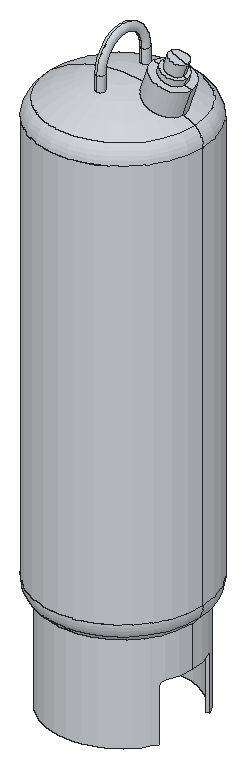
Revit family
Parameters (values of type "35LBC 150# W.P. 10 BAR")
  Weight = "76 lbs"
  Tank Volume = "10 Gal"
  Tank Only = 31.472"
  Tank Height/Length = 35.313"
  Tank Diameter = 10.000"
  Pipe Connector Diameter = Pipe Connection Radius * 2  # 1.000"
  Pipe Connection Radius = 0.500"
  Model = "35LBC"
  Maximum Acceptance Volume = "10 Gal"
  Max Operating Temp = "240 DEG F"
  Max Operating Pressure = "150 PSI"
  Manufacturer = "Amtrol"
  Lifting Ring Location = 3.500" / 2  # 1.750"
  Floor to Elbow Centerline = 1.688"
  Floor to Bottom of Tank = 3.841"
  Bladder/Diaphragm = "Bladder"
  ASME = yes
Types (3): name | Weight | Max Operating Pressure
  (no name) | "76 lbs" | "150 PSI"
  35LBC 150# W.P. 10 BAR | "76 lbs" | "150 PSI"
  35LBC 125# W.P. | "65 lbs" | "125 PSI"
Reference planes (in)
  plane 1 "Center (Front/Back)": y = 0
  plane 2: z = 0
  plane 3 "Center (Left/Right)": x = 0
Forms (in)
  Revolve 1, solid
    sketch origin (0, 0, 0) x (1, 0, 0) y (0, 0, 1)
      loop
        line (0, 35.313) -> (0, 3.841) -> (3.19936, 3.841) -> (3.19936, 4.341) -> (2.165, 4.341) -> (2.165, 4.537) -> (3.19936, 4.537) -> (3.19936, 5.44775)
        arc (3.19936, 5.44775) -> (3.27707, 5.47994) -> (3.30927, 5.55766) r 0.10991
        arc (3.30927, 5.55766) -> (4.07072, 5.87962) -> (4.69528, 6.42127) r 2.64049
        arc (4.69528, 6.42127) -> (4.92132, 6.81207) -> (4.99984, 7.25666) r 1.298
        line (4.99984, 7.25666) -> (4.99984, 32.85698)
        arc (4.99984, 32.85698) -> (4.84865, 33.42123) -> (4.4654, 33.8621) r 1.29841
        arc (4.4654, 33.8621) -> (2.3476, 34.94118) -> (0, 35.313) r 7.597
      axis (0, 3.841) -> (0, 35.313)
    angle from 0 to 360
  Revolve 2, solid
    sketch origin (0, 0, 0) x (1, 0, 0) y (0, 0, 1)
      loop
        line (3.49813, 37.33998) -> (2.55125, 34.59006) -> (3.74301, 34.1797) -> (4.31275, 35.83436) -> (3.88468, 35.98176) -> (4.00697, 36.33693) -> (3.77711, 36.41608) -> (4.03194, 37.15618) -> (3.49813, 37.33998)
      axis (2.55125, 34.59006) -> (3.49813, 37.33998)
    angle from 0 to 360
  Revolve 3, solid
    sketch origin (0, 0, 0) x (1, 0, 0) y (0, 0, 1)
      loop
        line (-4.33638, 0) -> (-4.08638, 0) -> (-4.08638, 6.5) -> (-4.33638, 6.5) -> (-4.33638, 0)
      axis (0, 0) -> (0, 6.5)
    angle from 0 to 360
  Revolve 4, solid
    sketch origin (0, 0, 0) x (1, 0, 0) y (0, 0, 1)
      loop
        line (0.6492, 3.3675) -> (0.6492, 4.19707) -> (0, 4.19707) -> (0, 3.3675) -> (0.6492, 3.3675)
      axis (0, 3.3675) -> (0, 4.19707)
    angle from 0 to 360
  Extrusion 5, void
    sketch origin (0, 0, 0) x (0, 1, 0) y (0, 0, 1)
      loop
        line (0, 3.5) -> (-1.75, 3.5)
        arc (-1.75, 3.5) -> (-1.92678, 3.42678) -> (-2, 3.25) r 0.25
        line (-2, 3.25) -> (-2, -0.25) -> (2, -0.25) -> (2, 3.25)
        arc (2, 3.25) -> (1.92678, 3.42678) -> (1.75, 3.5) r 0.25
        line (1.75, 3.5) -> (0, 3.5)
    from 2.84574 to 12
  Sweep 6, solid
    path origin (0, 0, 0) x (1, 0, 0) y (0, 0, 1)
      loop
        line (0, 3.188) -> (0, 2.886)
        arc (0, 2.886) -> (0.35089, 2.03889) -> (1.198, 1.688) r 1.198
        line (1.198, 1.688) -> (1.5, 1.688)
    profile origin (0, 0, 3.037) x (0, -1, 0) y (1, 0, 0)
      loop
        circle (0, 0) r 0.75
  Sweep 7, solid
    path origin (0, 0, 0) x (0, 1, 0) y (0, 0, 1)
      loop
        line (1.75, 35.08602) -> (1.75, 36.00246)
        arc (1.75, 36.00246) -> (0, 37.75246) -> (-1.75, 36.00246) r 1.75
        line (-1.75, 36.00246) -> (-1.75, 35.08602)
    profile origin (0, 1.75, 35.54424) x (0, -1, 0) y (1, 0, 0)
      loop
        circle (0, 0) r 0.25
Cuts and joins
  Extrusion 5 cuts Revolve 3
  Extrusion 5 cuts Revolve 4
Dimensions and locks (in)
  "Floor to Bottom of Tank": Revolve 1 sketch curve to level
  "Tank Only": Revolve 1 sketch curve to Revolve 1 sketch curve
  Revolve 1 sketch curve to Revolve 1 sketch curve = 6.29859"
  Revolve 1 sketch curve to Revolve 1 sketch curve = 4.99984"
  Revolve 2 sketch curve to Revolve 1 = 1.32272"
  Revolve 2 sketch curve to Revolve 1 = 1.73308"
  Revolve 2 sketch curve to Revolve 2 sketch curve = 1.750"
  Revolve 2 sketch curve to Revolve 2 sketch curve = 2.12564"
  Revolve 2 sketch curve to Revolve 2 sketch curve = 2.90838"
  "Floor to Elbow Centerline": Sweep 6 sketch curve to cut or joined group of Revolve 3, Extrusion 5
  "Lifting Ring Location": Sweep 7 sketch curve to plane 1 "Center (Front/Back)"
  aligned and locked: plane 1 "Center (Front/Back)" to import instance
  aligned and locked: import instance to plane 3 "Center (Left/Right)"
Automatic sketch dimensions
  Revolve 1 sketch curve to plane 3 "Center (Left/Right)" = 0.000"  (x2)
  plane 3 "Center (Left/Right)" to Revolve 1 sketch curve = 2.165"
  Revolve 1 sketch curve to Revolve 1 sketch curve = 2.3255"
  Revolve 1 sketch curve to Revolve 1 sketch curve = 1.03436"
  Revolve 1 sketch curve to Revolve 1 sketch curve = 0.000"  (x4)
  Revolve 1 sketch curve to Revolve 1 sketch curve = 0.10991"
  Revolve 1 sketch curve to Revolve 1 sketch curve = 1.298"
  Revolve 1 sketch curve to Revolve 1 sketch curve = 1.29762"
  Revolve 1 sketch curve to Revolve 1 sketch curve = 0.53443"
  Revolve 1 sketch curve to Revolve 1 sketch curve = 0.30455"
  Revolve 1 sketch curve to Revolve 1 sketch curve = 0.500"
  Revolve 1 sketch curve to Revolve 1 sketch curve = 0.196"
  Revolve 1 sketch curve to Revolve 1 sketch curve = 0.91075"
  Revolve 1 sketch curve to Revolve 1 sketch curve = 6.028"
  plane 3 "Center (Left/Right)" to Revolve 2 sketch curve = 2.55125"
  Revolve 2 sketch curve to Revolve 2 sketch curve = 0.000"  (x2)
  Revolve 2 sketch curve to Revolve 2 sketch curve = 0.13243"
  Revolve 2 sketch curve to Revolve 2 sketch curve = 0.27898"
  Revolve 2 sketch curve to Revolve 2 sketch curve = 0.10757"
  Revolve 2 sketch curve to Revolve 2 sketch curve = 0.22987"
  Revolve 2 sketch curve to Revolve 2 sketch curve = 0.38461"
  Revolve 3 sketch curve to level = 0.000"  (x2)
  Revolve 3 sketch curve to plane 3 "Center (Left/Right)" = 0.000"
  Revolve 3 sketch curve to plane 3 "Center (Left/Right)" = 4.08638"
  Revolve 3 sketch curve to Revolve 3 sketch curve = 0.250"
  level to Revolve 3 sketch curve = 6.500"
  Revolve 3 sketch curve to Revolve 3 sketch curve = 2.000"
  Revolve 4 sketch curve to plane 3 "Center (Left/Right)" = 0.000"  (x2)
  plane 3 "Center (Left/Right)" to Revolve 4 sketch curve = 0.6492"
  level to Revolve 4 sketch curve = 3.3675"
  Revolve 4 sketch curve to Revolve 4 sketch curve = 0.000"
  Revolve 4 sketch curve to Revolve 4 sketch curve = 0.82957"
  Revolve 4 sketch curve to Revolve 4 sketch curve = 1.25068"
  Extrusion 5 sketch curve to plane 1 "Center (Front/Back)" = 0.000"
  plane 1 "Center (Front/Back)" to Extrusion 5 sketch curve = 1.750"
  Extrusion 5 sketch curve to Extrusion 5 sketch curve = 0.250"  (x2)
  Extrusion 5 sketch curve to plane 1 "Center (Front/Back)" = 1.750"
  Extrusion 5 sketch curve to level = 0.250"
  level to Extrusion 5 sketch curve = 3.250"
  Sweep 6 sketch curve to plane 3 "Center (Left/Right)" = 0.000"
  Sweep 6 sketch curve to Sweep 6 sketch curve = 1.198"
  Sweep 6 sketch curve to Sweep 6 sketch curve = 0.302"  (x2)
  plane 1 "Center (Front/Back)" to Sweep 6 sketch curve = 0.000"
  Sweep 6 sketch curve to profile plane = 0.000"
  plane 1 "Center (Front/Back)" to Sweep 7 sketch curve = 0.000"
  level to Sweep 7 sketch curve = 35.08602"
  Sweep 7 sketch curve to Sweep 7 sketch curve = 0.000"
  Sweep 7 sketch curve to Sweep 7 sketch curve = 0.91644"
  Sweep 7 sketch curve to plane 3 "Center (Left/Right)" = 0.000"
  Sweep 7 sketch curve to profile plane = 0.000"
  radius of Sweep 6 sketch curve = 0.750"
  radius of Sweep 7 sketch curve = 0.250"
Connectors (in)
  piping at (1.5, 0, 1.688), driven by "Pipe Connection Radius"
    settings: on Sweep 6, index 1
